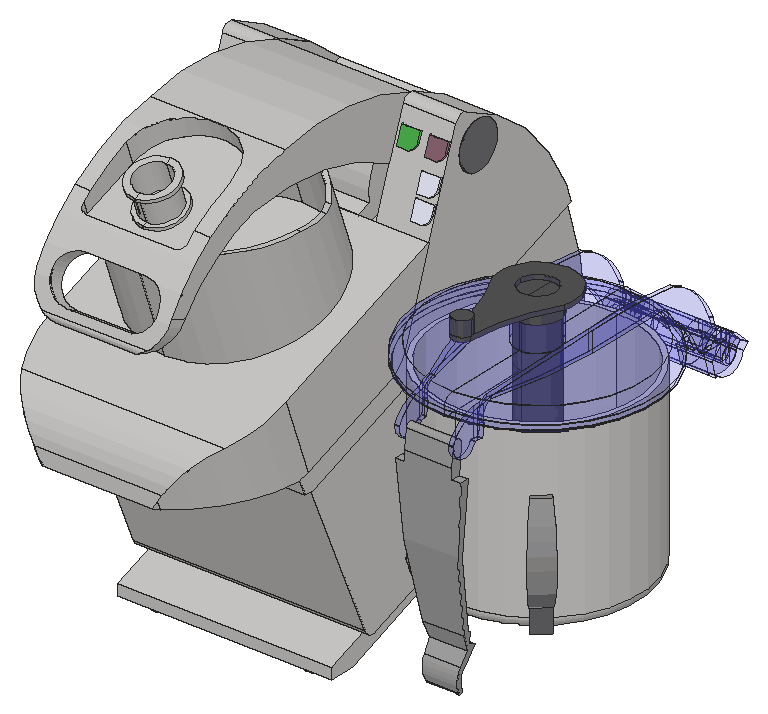
Revit family "QF_ELECTROLUXPROFESSIONAL_600483_TRK45YG", category Specialty Equipment, Revit 2018 (continued)
Definition of nested family "QF_600483_BOWL"
  Lines and regions (mm)
    symbolic lines
      curve 50: arc (40.771, 54.948, 0) -> (114.476, -69.566, 0) -> (21.15, -180.138, 0) r 124.909
      curve 51: arc (-60.771, 41.751, 0) -> (-122.562, -68.863, 0) -> (-42.781, -167.295, 0) r 112.979
      curve 52: line (93.154, -162.392, 0) -> (78.293, -147.531, 0)
      curve 53: line (93.154, -162.392, 0) -> (74.048, -178.424, 0)
      curve 54: line (74.048, -178.424, 0) -> (61.96, -161.274, 0)
      curve 55: arc (-37.781, -168.686, 0) -> (-23.999, -171.284, 0) -> (-10, -172.155, 0) r 112.979
      curve 56: arc (-41.15, -180.138, 0) -> (-94.625, -151.05, 0) -> (-128, -100.142, 0) r 124.909
      curve 57: arc (22.781, -167.295, 0) -> (102.562, -68.863, 0) -> (40.771, 41.751, 0) r 112.979
      curve 58: arc (16.15, -181.317, 0) -> (3.148, -183.391, 0) -> (-10, -184.085, 0) r 124.909
      curve 59: line (16.15, -211, 0) -> (16.15, -177.864, 0)
      curve 60: line (-36.15, -211, 0) -> (-36.15, -177.864, 0)
      curve 61: line (-41.15, -211, 0) -> (21.15, -211, 0)
      curve 62: line (22.008, -210.888, 0) -> (22.008, -197.61, 0)
      curve 63: spline (-42.008, -197.61, 0) -> (-41.937, -197.617, 0) -> (-41.865, -197.622, 0) -> (-41.794, -197.626, 0) -> (-41.722, -197.627, 0) -> (-41.651, -197.627, 0) -> (-41.579, -197.625, 0) -> (-41.508, -197.621, 0) -> (-41.436, -197.615, 0) -> (-41.365, -197.608, 0) -> (-41.293, -197.598, 0) -> (-41.222, -197.587, 0) -> (-41.15, -197.574, 0)
      curve 64: line (-42.008, -210.888, 0) -> (-42.008, -197.61, 0)
      curve 65: arc (-128, -18.211, 0) -> (-101.973, 25.34, 0) -> (-60.771, 54.948, 0) r 124.909
      curve 66: arc (-128, -100.142, 0) -> (-134.909, -59.177, 0) -> (-128, -18.211, 0) r 124.909
      curve 67: line (-108, -177.764, 0) -> (-49.233, -177.764, 0)
      curve 68: line (-128, 191, 0) -> (-128, -17.764, 0)
      curve 69: line (29.233, -177.764, 0) -> (108, -177.764, 0)
      curve 70: line (-128, -97.764, 0) -> (-128, -157.764, 0)
      curve 71: line (-108, 211, 0) -> (108, 211, 0)
      curve 72: arc (-128, -157.764, 0) -> (-122.142, -171.906, 0) -> (-108, -177.764, 0) r 20
      curve 73: arc (108, -177.764, 0) -> (122.142, -171.906, 0) -> (128, -157.764, 0) r 20
      curve 74: arc (128, 191, 0) -> (122.142, 205.142, 0) -> (108, 211, 0) r 20
      curve 75: arc (-108, 211, 0) -> (-122.142, 205.142, 0) -> (-128, 191, 0) r 20
      curve 76: line (45.852, 123.86, 0) -> (-71.073, 123.86, 0)
      curve 77: line (45.852, 137.378, 0) -> (-65.852, 137.378, 0)
      curve 78: line (45.852, 143.082, 0) -> (-65.852, 143.082, 0)
      curve 79: line (53.607, 123.86, 0) -> (45.852, 123.86, 0)
      curve 80: line (45.852, 123.86, 0) -> (45.852, 170.216, 0)
      curve 81: line (45.852, 170.216, 0) -> (-65.852, 170.216, 0)
      curve 82: line (-65.852, 170.216, 0) -> (-65.852, 123.86, 0)
      curve 83: line (102.599, 101.361, 0) -> (117.599, 101.361, 0)
  Dimensions and locks
    plane 4 "TOP" to level = 705.4 mm  (x2)
    plane 7 "LEFT" to plane 3 "Center (Left/Right)" to plane 8 "RIGHT" = 128 mm, 128 mm
    plane 6 "BACK" to plane 1 "Center (Front/Back)" to plane 5 "FRONT" = 211 mm, 211 mm
    plane 6 "BACK" to plane 5 "FRONT" = 422 mm
    plane 7 "LEFT" to plane 8 "RIGHT" = 256 mm
    plane 9 "CenterX" to plane 3 "Center (Left/Right)" = 10 mm
    plane 12 to level = 510 mm
    aligned and locked: level to plane 2
    aligned and locked: Extrusion 5 to cut or joined group of Extrusion 8, Extrusion 9, Extrusion 11, Extrusion 20
